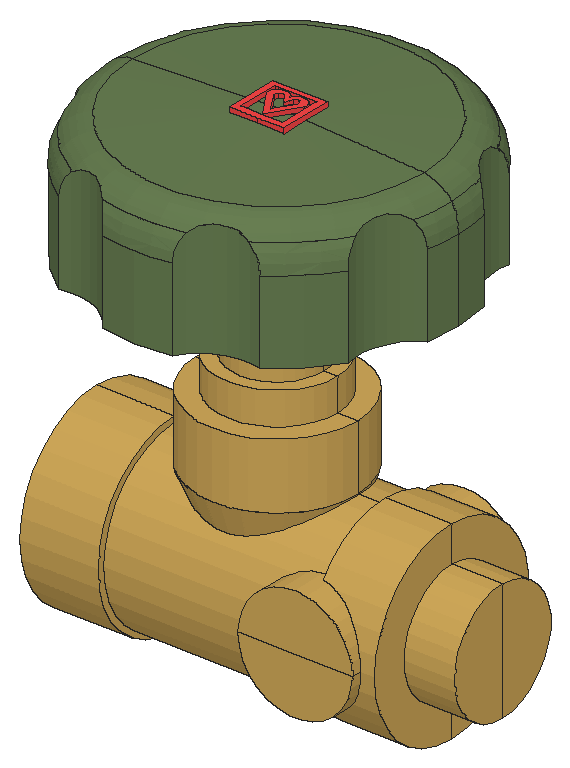
Revit family "Absperrventil 4215 W IG-AG", category Rohrzubehör, Revit 2021
Family settings
  Bemaßung runder Anschluss = Durchmesser verwenden
  Teiletyp = Unterbricht
  OmniClass-Nummer = 23.65.55.14
  OmniClass-Titel = Valves for Liquid Services
  Arbeitsebenenbasiert = Nein
  Immer vertikal = Ja
  Beim Laden mit Abzugskörper schneiden = Nein
  Gemeinsam genutzt = Nein
Parameters
  Vorgabe-Ansicht = 0 mm
  URL = "www.herz-armaturen.at"
  T01 = 17.5 mm  # constant formula
  SC_NennweiteBerechnet = 0
  SC_Dimension = ""
  SCTWSEQ = "FW;SBT_TYP_FW=\"106\";2"
  SCTWCODE = "04;01;02"  # constant formula
  S03 = 60 mm  # constant formula
  S02 [instance] = H01 + H02 + H03  # 46 mm
  S01 [instance] = R01 * 2  # 32 mm
  R09 [instance] = Nennweite Aus / 2  # 10 mm
  R08 [instance] = size_lookup("4215W_", "R8", 9.5 mm, Nennweite)  # 9.5 mm
  R07 = 3 mm  # constant formula
  R06 [instance] = size_lookup("4215W_", "R6", 7.8 mm, Nennweite)  # 7.8 mm
  R05 [instance] = size_lookup("4215W_", "R5", 10.1 mm, Nennweite)  # 10.1 mm
  R04 [instance] = size_lookup("4215W_", "R4", 13.5 mm, Nennweite)  # 13.5 mm
  R03 = 15 mm  # constant formula
  R02 [instance] = Nennweite / 2  # 7.5 mm
  R01 = 16 mm  # constant formula
  Nennweite Aus [instance] = 20 mm  # constant formula
  Nennweite [instance] = 15 mm  # constant formula
  Min. Durchfluss bei Dp 10 kPa [instance] = if(Nennweite = 15 mm, 0.2, if(Nennweite = 20 mm, 0.4, if(Nennweite = 25 mm, 0.7, if(Nennweite = 32 mm, 1.2, if(Nennweite = 40 mm, 1.6, if(Nennweite = 50 mm, 2.7, 0))))))  # 0.2
  Medium = "Trinkwasser"  # constant formula
  Max. Differenzdruck auf geschlossenen Sitz = 1000000.0 Pa  # constant formula
  Max. Betriebstemperatur = 90 °C  # constant formula
  Max. Betriebsdruck = 1000000.0 Pa  # constant formula
  L06 = 18 mm  # constant formula
  L05 = 8.5 mm  # constant formula
  L04 = 37.5 mm  # constant formula
  L03 = 17 mm  # constant formula
  L02 = 12 mm  # constant formula
  L01 = 13 mm  # constant formula
  L00 = 30 mm  # constant formula
  Hinweis = "Gemäß Art 33 der REACH-Verordnung (EG Nr. 1907/2006) sind wir verpflichtet, darauf hinzuweisen, dass der Stoff Blei auf der SVHC-Liste geführt wird und dass alle aus Messing bestehenden Bauteile, die in unseren Erzeugnissen verarbeitet sind, mehr als 0,1 % (w/w) Blei (CAS: 7439-92-1 / EINECS: 231-100-4) enthalten.\r\nDa Blei als Legierungsbestandteil fest gebunden ist, sind keine Expositionen zu erwarten und daher sind keine zusätzlichen Angaben zur sicheren Verwendung notwendig."
  Hersteller = "HERZ Armaturen Ges.m.b.H"  # constant formula
  Handrad = "Kunststoff, grün"  # constant formula
  H04 = 21 mm  # constant formula
  H03 = 14.6 mm  # constant formula
  H02 = 5.4 mm  # constant formula
  H01 = 26 mm  # constant formula
  H00 [instance] = H01 + H02 + H03  # 46 mm
  Gehäuse = "entzinkungsbeständiges Messing nach EN1982"  # constant formula
  O-Ringe = "EPDM"  # constant formula
  Bestellnummer = 2412561  # constant formula
  Anwendungsgebiet = "Zum Absperren von Trinkwasserleitungen und -anlagen in Gebäuden"
Reference planes
  plane 1 "Mitte (Vorne/hinten)": y = 0
  plane 2: z = 0
  plane 3 "Mitte (Links/rechts)": x = 0
Forms (mm)
  Revolve 1, solid, material "Messing, weicher Gelbton, geschweißt", detail levels fine
    sketch origin (470, 0, 0) x (1, 0, 0) y (0, 0, 1)
      loop
        line (-500, 7.5) -> (-488, 7.5) -> (-488, 0) -> (-432.5, 0) -> (-432.5, 10) -> (-441, 10) -> (-441, 16) -> (-452, 16) -> (-452, 15) -> (-487, 15) -> (-487, 16) -> (-500, 16) -> (-500, 7.5)
      axis (-500, 0) -> (-432.5, 0)
    angle from 0 to 360
  Revolve 2, solid, material "Messing, weicher Gelbton, geschweißt", detail levels fine
    sketch origin (0, 0, 0) x (1, 0, 0) y (0, 0, 1)
      loop
        line (0, 0) -> (0, 46) -> (-7.8, 46) -> (-7.8, 31.4) -> (-10.1, 31.4) -> (-10.1, 26) -> (-13.5, 26) -> (-13.5, 15) -> (-7.5, 0) -> (0, 0)
      axis (0, 46) -> (0, 0)
    angle from 0 to 360
  Revolve 3, solid, material "Messing, weicher Gelbton, geschweißt", detail levels fine
    sketch origin (0, 0, 0) x (1, 0, 0) y (0, 1, 0)
      loop
        line (17, -17.5) -> (26.5, -17.5) -> (26.5, -7.5) -> (20, -7.5) -> (20, 7.5) -> (26.5, 7.5) -> (26.5, 17.5) -> (17, 17.5) -> (17, -17.5)
      axis (17, 17.5) -> (17, -17.5)
    angle from 0 to 360
Lines and regions (mm)
  model lines, detail levels coarse+medium
    curve 1: line (-30, 0, 16) -> (-30, 0, -16)
    curve 2: line (-30, 0, -16) -> (37.5, 0, 16)
    curve 3: line (37.5, 0, 16) -> (37.5, 0, -16)
    curve 4: line (37.5, 0, -16) -> (-30, 0, 16)
    curve 5: line (3.75, 0, 0) -> (3.75, 0, 46)
    curve 6: line (-26.25, 0, 46) -> (33.75, 0, 46)
    curve 7: line (-30, -16, 0) -> (-30, 16, 0)
    curve 8: line (-30, 16, 0) -> (37.5, -16, 0)
    curve 9: line (37.5, -16, 0) -> (37.5, 16, 0)
    curve 10: line (37.5, 16, 0) -> (-30, -16, 0)
    curve 11: line (3.75, 0, 0) -> (3.75, 46, 0)
    curve 12: line (-26.25, 46, 0) -> (33.75, 46, 0)
Dimensions and locks
  "R01": Revolve 1 sketch curve to Revolve 1 sketch curve  (x2)
  "R02": Revolve 1 sketch curve to Revolve 1 sketch curve
  "L01": Revolve 1 sketch curve to Revolve 1 sketch curve
  "L02": Revolve 1 sketch curve to Revolve 1 sketch curve
  "R03": Revolve 1 sketch curve to Revolve 1 sketch curve
  "R03": Revolve 2 sketch curve to Revolve 2 sketch curve
  "R02": Revolve 2 sketch curve to Revolve 2 sketch curve
  "R04": Revolve 2 sketch curve to Revolve 2 sketch curve
  "R05": Revolve 2 sketch curve to Revolve 2 sketch curve
  "R06": Revolve 2 sketch curve to Revolve 2 sketch curve
  "H01": Revolve 2 sketch curve to plane 2
  "T01": Revolve 3 sketch curve to plane 1 "Mitte (Vorne/hinten)" to Revolve 3 sketch curve
  "R02": Revolve 3 sketch curve to plane 1 "Mitte (Vorne/hinten)"
  "R02": plane 1 "Mitte (Vorne/hinten)" to Revolve 3 sketch curve
  "R07": Revolve 3 sketch curve to Revolve 3 sketch curve
  "R08": Revolve 3 sketch curve to Revolve 3 sketch curve
  "H02": Revolve 2 sketch curve to Revolve 2 sketch curve
  "H03": Revolve 2 sketch curve to Revolve 2 sketch curve
  "L00": plane 3 "Mitte (Links/rechts)" to Revolve 1 sketch curve
  "L04": Revolve 1 sketch curve to plane 3 "Mitte (Links/rechts)"
  "R09": Revolve 1 sketch curve to Revolve 1 sketch curve
  "L03": plane 3 "Mitte (Links/rechts)" to Revolve 3 sketch curve
  "L05": Revolve 1 sketch curve to Revolve 1 sketch curve
  "L06": Revolve 1 sketch curve to plane 3 "Mitte (Links/rechts)"
  "H00": nested 1 to plane 2
  "H04": nested 2 to Revolve 2
  equal spacing: curve 3, plane 2, curve 4
  "S01": curve 3 to curve 4
  equal spacing: curve 4, plane 2, curve 2
  "S01": curve 2 to curve 4
  "L00": curve 1 to plane 3 "Mitte (Links/rechts)"
  "L04": plane 3 "Mitte (Links/rechts)" to curve 3
  equal spacing: Revolve 1, curve 5, curve 3
  "S02": curve 5 to plane 2
  equal spacing: curve 6, curve 5, curve 6
  "S03": curve 6 to curve 6
  equal spacing: curve 10, plane 1 "Mitte (Vorne/hinten)", curve 8
  equal spacing: curve 9, plane 1 "Mitte (Vorne/hinten)", curve 10
  "S01": curve 8 to curve 7
  "S01": curve 10 to curve 9
  "L04": plane 3 "Mitte (Links/rechts)" to curve 9
  "L00": curve 7 to plane 3 "Mitte (Links/rechts)"
  equal spacing: curve 12, curve 11, curve 12
  equal spacing: curve 7, curve 11, curve 9
  "S03": curve 12 to curve 12
  "S02": plane 1 "Mitte (Vorne/hinten)" to curve 11
  aligned and locked: level to plane 2
Automatic sketch dimensions
  Revolve 1 sketch curve to level = 0 mm  (x2)
  Revolve 1 sketch curve to Revolve 1 sketch curve = 791.99 mm
  Revolve 1 sketch curve to Revolve 1 sketch curve = 2278.983 mm
  Revolve 2 sketch curve to level = 0 mm
  Revolve 2 sketch curve to plane 3 "Mitte (Links/rechts)" = 0 mm  (x2)
  Revolve 2 sketch curve to level = 366.045 mm
  Revolve 2 sketch curve to Revolve 2 sketch curve = 2165.278 mm
  Revolve 3 sketch curve to Revolve 3 sketch curve = 9.5 mm
  Revolve 3 sketch curve to Revolve 3 sketch curve = 0 mm
  Revolve 3 sketch curve to Revolve 3 sketch curve = 4.553 mm
  Revolve 3 sketch curve to Revolve 3 sketch curve = 3.768 mm
Nested families
  nested 1: "Strömax-Handrad (Grün)" at (0.258, 0, 46), type "Strömax-Handrad (Grün)", detail levels fine
    with Nennweite 0 mm, Gewicht 0.00 kg, Bestellnummer 0
  nested 2: "Herz-Logo" at (0.258, 0, 67), type "Herz-Logo", detail levels fine
Connectors
  piping at (-18, 0, 0), diameter 15, driven by "Nennweite"
    settings: on Revolve 1, index 1, connector inside diameter 609.6 mm, connector length 0 mm, flow factor 0, pipe flow 0.0 L/s, pressure drop 0.0 Pa, fitting loss kfactor 0, connector angle 0.00°, fixture units 0, engagement length 0 mm, angle of deflection 0.00°, flow configuration 0, flow direction 1, fitting loss method 0, system type 29, joint type 0, gender type 0, connector reference index -1, connector utility 0, adjustable connector no, is connector primary yes, connector description ""
  piping at (37.5, 0, 0), diameter 20, driven by "Nennweite Aus"
    settings: on Revolve 1, index 2, connector inside diameter 609.6 mm, connector length 0 mm, flow factor 0, pipe flow 0.0 L/s, pressure drop 0.0 Pa, fitting loss kfactor 0, connector angle 0.00°, fixture units 0, engagement length 0 mm, angle of deflection 0.00°, flow configuration 0, flow direction 2, fitting loss method 0, system type 29, joint type 0, gender type 0, connector reference index -1, connector utility 0, adjustable connector no, is connector primary no, connector description ""
Definition of nested family "Strömax-Handrad (Grün)"
  Parameters (values of type "Strömax-Handrad (Grün)")
    Default Elevation = 0 mm
    URL = "www.herz-armaturen.at"
    Nennweite [instance] = 0 mm
    Manufacturer = "Herz Armaturen GmbH"  # constant formula
    Gewicht [instance] = 0.00 kg
    Bestellnummer [instance] = 0
  Reference planes
    plane 1 "Mitte (Vorne/hinten)": y = 0
    plane 2: z = 0
    plane 3 "Mitte (Links/rechts)": x = 0
  Forms (mm)
    Revolve 1, solid
      sketch origin (0, 0, 0) x (1, 0, 0) y (0, 0, 1)
        loop
          line (0, 0) -> (0, 22)
          arc (0, 22) -> (-12.15, 21.705) -> (-24.271, 20.819) r 250
          arc (-24.271, 20.819) -> (-26.831, 19.959) -> (-28.754, 18.063) r 6
          arc (-28.754, 18.063) -> (-29.682, 16.008) -> (-30, 13.776) r 8
          line (-30, 13.776) -> (-30, 0) -> (0, 0)
        axis (0, 22) -> (0, 0)
      angle from 0 to 360
    Extrusion 2, void
      sketch origin (0, 0, 0) x (1, 0, 0) y (0, 1, 0)
        loop
          circle (14.351, -34.645) r 10
      from 0 to 22
    Extrusion 3, void
      sketch origin (0, 0, 0) x (-1, 0, 0) y (0, -1, 0)
        loop
          circle (14.351, 34.645) r 10
      from 0 to 22
    Extrusion 4, void
      sketch origin (0, 0, 0) x (0, -1, 0) y (1, 0, 0)
        loop
          circle (14.351, 34.645) r 10
      from 0 to 22
    Extrusion 5, void
      sketch origin (0, 0, 0) x (0, 1, 0) y (-1, 0, 0)
        loop
          circle (14.351, -34.645) r 10
      from 0 to 22
    Extrusion 6, void
      sketch origin (0, 0, 0) x (0, -1, 0) y (1, 0, 0)
        loop
          circle (14.351, -34.645) r 10
      from 0 to 22
    Extrusion 7, void
      sketch origin (0, 0, 0) x (0, 1, 0) y (-1, 0, 0)
        loop
          circle (14.351, 34.645) r 10
      from 0 to 22
    Extrusion 8, void
      sketch origin (0, 0, 0) x (1, 0, 0) y (0, 1, 0)
        loop
          circle (14.351, 34.645) r 10
      from 0 to 22
    Extrusion 9, void
      sketch origin (0, 0, 0) x (-1, 0, 0) y (0, -1, 0)
        loop
          circle (14.351, -34.645) r 10
      from 0 to 22
  Cuts and joins
    Extrusion 2, Extrusion 3, Extrusion 4, Extrusion 5, Extrusion 6, Extrusion 7, Extrusion 8, Extrusion 9 cuts Revolve 1
  Dimensions and locks
    aligned and locked: level to plane 2
Definition of nested family "Herz-Logo"
  Parameters (values of type "Herz-Logo")
    Default Elevation = 0 mm
  Reference planes
    plane 1 "Mitte (Vorne/hinten)": y = 0
    plane 2: z = 0
    plane 3 "Mitte (Links/rechts)": x = 0
  Forms (mm)
    Extrusion 1, solid
      sketch origin (0, 0, 0) x (1, 0, 0) y (0, 1, 0)
        loop
          line (-0.018, -4.517) -> (4.482, -4.517) -> (4.482, 4.483) -> (-4.518, 4.483) -> (-4.518, -4.517) -> (-0.018, -4.517)
        loop
          line (-0.05, -3.48) -> (3.482, -3.48) -> (3.482, 3.483) -> (-3.518, 3.483) -> (-3.518, -3.48) -> (-0.05, -3.48)
        loop
          arc (-0.018, 2.383) -> (-1.543, 3.287) -> (-3.067, 2.383) r 1.738
          arc (-3.067, 2.383) -> (-3.191, 1.899) -> (-3.067, 1.415) r 1.009
          line (-3.067, 1.415) -> (-0.018, -3.281) -> (3.032, 1.415)
          arc (3.032, 1.415) -> (3.156, 1.899) -> (3.032, 2.383) r 1.009
          arc (3.032, 2.383) -> (1.507, 3.287) -> (-0.018, 2.383) r 1.738
        loop
          arc (1.885, 1.272) -> (2.005, 1.675) -> (1.885, 2.079) r 0.74
          arc (1.885, 2.079) -> (1.265, 2.416) -> (0.644, 2.079) r 0.74
          line (0.644, 2.079) -> (-0.018, 0.97) -> (-0.679, 2.079)
          arc (-0.679, 2.079) -> (-1.3, 2.416) -> (-1.921, 2.079) r 0.74
          arc (-1.921, 2.079) -> (-2.04, 1.675) -> (-1.921, 1.272) r 0.74
          line (-1.921, 1.272) -> (-0.018, -1.658) -> (1.885, 1.272)
      from 0 to 1.5
  Dimensions and locks
    aligned and locked: level to plane 2
